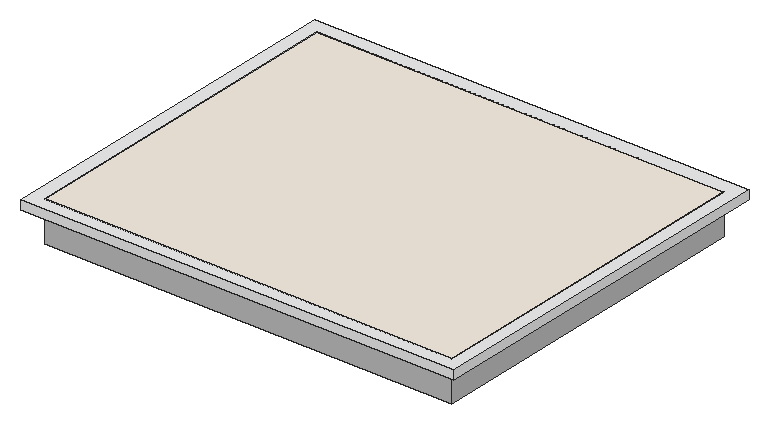
Revit family "Lighting-Industrial-GEWISS-ELIA-HL-LED_HIGHBAY", category Apparecchi per illuminazione, host Superficie, Revit 2019 (continued)
Types (12, lengths in mm): name | Weight (kg): | Weight (kg) | Voltage | Technical sheet | System power | Optic | built-in parameter 1150142 | Lumen output (lm) | Model | IDT | File diagramma fotometrico | Description
    2 2498.66 2401.49 \r\n2311.07 2224.04 2140.38 2060.11 1982.37 1908.01 1837.03 \r\n1768.59 1702.08 1638.20 1577.87 1519.56 1461.77 1405.91 \r\n1353.69 1303.33 1253.30 1204.13 1154.86 1107.29 1063.60 \r\n1022.28 981.97 943.53 907.78 873.73 840.44 808.24 777.48 \r\n748.08 719.60 692.39 666.62 642.28 619.30 597.41 576.46 \r\n556.01 535.56 515.37 495.17 475.57 457.57 440.75 425.80 \r\n411.35 396.39 380.84 363.77 347.04 332.34 318.82 306.23 \r\n294.40 282.91 271.75 261.10 251.73 244.80 239.05 233.39 \r\n227.73 222.32 215.39 204.07 191.39 180.49 169.46 157.63 \r\n144.89 130.60 115.60 100.43 85.37 70.87 57.02 43.80 31.96 \r\n22.22 14.54 9.24 5.75 3.57 2.87 \r\n12448.54 12447.69 12442.62 12435.02 12423.19 12407.98 \r\n12389.39 12369.11 12346.29 12320.94 12292.22 12261.79 \r\n12228.84 12192.50 12154.48 12115.61 12073.36 12030.26 \r\n11985.48 11936.47 11887.46 11837.60 11786.06 11731.13 \r\n11673.67 11613.68 11550.31 11482.70 11412.57 11340.74 \r\n11265.54 11187.80 11108.37 11025.56 10941.06 10858.25 \r\n10774.59 10689.25 10602.22 10513.49 10422.23 10329.28 \r\n10232.10 10126.48 10014.09 9897.48 9774.96 9649.06 \r\n9519.77 9388.79 9255.28 9120.08 8979.82 8833.63 8678.15 \r\n8510.84 8334.23 8148.33 7959.05 7767.24 7576.27 7389.52 \r\n7204.47 7021.95 6841.12 6661.13 6481.99 6303.70 6128.78 \r\n5960.63 5795.01 5630.23 5466.30 5304.91 5147.74 4995.64 \r\n4847.77 4703.27 4563.00 4424.42 4289.22 4157.40 4026.42 \r\n3896.30 3768.70 3639.41 3511.82 3385.91 3262.55 3141.71 \r\n3025.10 2914.40 2807.09 2700.62 2597.53 2496.13 2399.80 \r\n2308.54 2223.20 2138.69 2058.42 1981.52 1906.32 1835.34 \r\n1766.89 1699.97 1635.67 1575.08 1516.52 1458.55 1402.70 \r\n1350.48 1300.20 1250.43 1201.51 1152.50 1105.34 1061.91 \r\n1020.68 980.28 941.92 906.26 872.29 838.83 806.47 775.96 \r\n746.56 718.33 691.21 665.35 640.93 617.86 596.06 575.19 \r\n554.91 534.72 514.60 494.32 474.81 456.72 439.99 424.87 \r\n410.33 395.46 380.08 363.35 346.79 332.17 318.65 306.06 \r\n294.06 282.31 271.33 260.77 251.47 244.97 239.39 233.39 \r\n227.30 221.56 214.29 203.14 190.80 179.98 168.92 156.98 \r\n144.15 130.05 115.28 100.19 85.18 70.75 56.94 43.69 31.81 \r\n22.14 14.51 9.24 5.77 3.59 2.87 \r\n12448.54 12447.69 12442.62 12435.02 12423.19 12407.98 \r\n12389.39 12369.95 12346.29 12320.94 12293.90 12262.64 \r\n12229.68 12193.35 12155.32 12115.61 12075.05 12031.95 \r\n11987.17 11939.85 11889.99 11840.14 11788.59 11733.67 \r\n11676.21 11616.22 11552.84 11485.24 11415.10 11343.28 \r\n11267.23 11191.18 11111.75 11028.94 10945.28 10862.47 \r\n10778.82 10693.47 10606.44 10517.72 10427.30 10335.19 \r\n10237.17 10131.55 10019.16 9902.56 9781.72 9655.81 \r\n9527.38 9396.40 9263.73 9126.84 8987.42 8841.23 8684.91 \r\n8517.60 8340.99 8156.78 7966.66 7775.69 7586.41 7398.82 \r\n7213.76 7029.55 6847.03 6667.05 6487.91 6310.46 6134.70 \r\n5966.55 5800.92 5635.30 5472.22 5310.82 5152.81 4999.86 \r\n4850.30 4705.80 4563.85 4425.27 4289.22 4155.71 4024.73 \r\n3895.45 3766.16 3638.57 3510.97 3385.07 3260.85 3140.86 \r\n3024.25 2913.56 2806.24 2700.62 2596.68 2496.13 2398.95 \r\n2308.54 2221.50 2137.85 2057.57 1980.68 1905.47 1833.65 \r\n1765.20 1698.45 1633.81 1572.71 1513.90 1455.77 1399.83 \r\n1347.69 1297.50 1247.98 1199.22 1150.64 1103.91 1060.64 \r\n1019.41 979.10 940.65 905.08 871.11 837.56 805.20 774.70 \r\n745.54 717.32 690.37 664.51 639.83 616.85 594.96 574.18 \r\n554.07 534.04 514.18 493.90 474.21 456.22 439.32 424.11 \r\n409.40 394.53 379.40 362.93 346.70 332.25 318.65 305.89 \r\n293.81 281.98 270.82 260.51 251.47 245.13 239.56 233.30 \r\n226.88 220.71 213.19 202.21 190.12 179.39 168.27 156.22 \r\n143.30 129.40 114.89 99.89 84.91 70.54 56.78 43.51 31.62 \r\n22.01 14.46 9.22 5.78 3.61 2.88 \r\n12448.54 12447.69 12443.47 12435.02 12424.03 12408.82 \r\n12390.23 12369.95 12347.98 12322.63 12293.90 12263.48 \r\n12230.53 12195.04 12157.01 12117.30 12076.74 12034.49 \r\n11988.86 11941.54 11893.37 11843.52 11791.13 11736.20 \r\n11678.74 11618.75 11554.53 11486.93 11417.64 11345.81 \r\n11270.61 11193.72 11115.13 11033.16 10949.51 10866.70 \r\n10783.89 10698.54 10612.35 10523.63 10433.22 10340.26 \r\n10243.93 10137.47 10025.92 9910.16 9789.32 9663.42 \r\n9535.82 9404.85 9271.34 9135.29 8995.02 8847.99 8693.36 \r\n8525.20 8349.44 8165.23 7975.95 7785.83 7595.70 7408.96 \r\n7222.22 7037.16 6854.64 6673.81 6494.67 6315.53 6140.61 \r\n5972.46 5807.68 5641.22 5477.29 5315.89 5157.88 5004.09 \r\n4854.52 4708.34 4565.53 4425.27 4288.38 4154.86 4022.20 \r\n3892.91 3764.47 3636.03 3509.28 3383.38 3260.85 3140.02 \r\n3023.41 2913.56 2806.24 2701.46 2597.53 2495.28 2398.95 \r\n2308.54 2221.50 2137.85 2057.57 1979.84 1905.47 1832.80 \r\n1763.51 1696.76 1632.37 1570.94 1511.70 1453.40 1397.38 \r\n1345.32 1295.30 1245.78 1197.20 1149.20 1102.89 1059.71 \r\n1018.65 978.34 939.98 904.32 870.35 836.63 804.19 773.77 \r\n744.70 716.73 689.94 663.92 639.16 616.00 594.03 573.33 \r\n553.31 533.53 513.84 493.65 473.96 455.88 438.98 423.43 \r\n408.56 393.69 378.64 362.50 346.70 332.34 318.90 305.97 \r\n293.72 281.72 270.40 260.09 251.39 245.22 239.90 233.39 \r\n226.46 219.78 212.01 201.19 189.45 178.72 167.61 155.36 \r\n142.35 128.68 114.44 99.52 84.58 70.24 56.51 43.26 31.38 \r\n21.85 14.39 9.20 5.78 3.62 2.89 \r\n12448.54 12447.69 12443.47 12435.02 12424.03 12408.82 \r\n12391.08 12370.80 12347.98 12322.63 12295.59 12265.17 \r\n12231.37 12195.04 12158.70 12119.83 12079.27 12037.02 \r\n11991.39 11945.76 11895.91 11846.06 11793.66 11738.74 \r\n11681.28 11620.44 11557.06 11490.31 11420.17 11348.35 \r\n11273.99 11197.09 11119.35 11037.39 10954.58 10872.61 \r\n10788.96 10704.46 10618.27 10529.54 10439.13 10346.18 \r\n10249.85 10143.38 10032.68 9916.92 9797.77 9672.72 \r\n9544.27 9414.14 9279.79 9143.74 9003.47 8856.44 8700.97 \r\n8533.65 8357.89 8173.68 7985.25 7795.97 7606.69 7418.25 \r\n7230.66 7044.76 6860.55 6678.88 6499.74 6322.29 6147.37 \r\n5979.22 5812.75 5646.29 5482.36 5321.81 5163.80 5009.16 \r\n4857.90 4710.03 4566.38 4425.27 4287.53 4152.33 4020.51 \r\n3890.38 3761.94 3635.19 3508.44 3382.53 3260.01 3139.17 \r\n3022.56 2913.56 2807.09 2701.46 2596.68 2496.13 2398.95 \r\n2308.54 2222.35 2138.69 2058.42 1980.68 1905.47 1832.80 \r\n1763.51 1695.91 1631.61 1569.67 1510.01 1451.54 1395.52 \r\n1343.38 1293.44 1244.01 1195.67 1148.02 1102.22 1059.21 \r\n1018.14 977.92 939.47 903.90 869.84 836.04 803.59 773.17 \r\n744.19 716.39 689.69 663.58 638.74 615.33 593.44 572.74 \r\n552.71 533.11 513.59 493.56 473.88 455.79 438.72 423.01 \r\n407.88 392.92 377.97 362.25 346.79 332.68 319.24 306.14 \r\n293.55 281.38 269.98 259.84 251.39 245.39 239.98 233.39 \r\n226.12 218.94 210.74 200.10 188.60 177.96 166.84 154.44 \r\n141.33 127.88 113.91 99.08 84.17 69.88 56.18 42.93 31.10 \r\n21.67 14.31 9.17 5.77 3.62 2.90 \r\n12448.54 12447.69 12443.47 12435.02 12424.03 12409.67 \r\n12391.92 12371.64 12349.67 12324.32 12296.44 12265.17 \r\n12231.37 12196.73 12159.55 12121.52 12081.81 12039.56 \r\n11994.77 11948.30 11899.29 11849.43 11797.04 11741.27 \r\n11682.97 11622.97 11558.75 11492.00 11422.71 11350.88 \r\n11278.22 11202.16 11123.58 11041.61 10959.65 10877.68 \r\n10794.88 10710.38 10623.34 10535.46 10445.04 10352.94 \r\n10254.92 10150.14 10039.44 9924.52 9805.38 9681.16 \r\n9553.57 9422.59 9288.24 9153.04 9011.92 8865.74 8710.26 \r\n8542.95 8367.19 8183.82 7996.23 7807.80 7618.52 7428.39 \r\n7240.80 7052.37 6866.47 6684.80 6505.65 6328.20 6153.29 \r\n5985.13 5818.67 5653.05 5488.27 5327.72 5169.71 5013.38 \r\n4862.13 4713.41 4568.07 4425.27 4286.68 4150.64 4017.97 \r\n3887.84 3759.40 3632.65 3506.75 3381.69 3258.32 3138.33 \r\n3022.56 2913.56 2807.93 2702.31 2598.38 2496.97 2399.80 \r\n2308.54 2222.35 2138.69 2059.26 1980.68 1905.47 1832.80 \r\n1763.51 1696.76 1631.19 1568.91 1508.75 1450.19 1394.08 \r\n1341.94 1291.92 1242.57 1194.32 1147.26 1101.80 1059.04 \r\n1017.89 977.83 939.39 903.73 869.59 835.70 803.17 772.75 \r\n743.94 716.39 689.69 663.58 638.40 614.99 592.94 572.15 \r\n552.21 532.86 513.51 493.56 474.04 455.96 438.72 422.67 \r\n407.12 392.16 377.29 362.00 347.04 333.10 319.66 306.40 \r\n293.64 281.13 269.64 259.67 251.30 245.56 240.15 233.30 \r\n225.70 218.01 209.56 199.08 187.84 177.20 166.06 153.46 \r\n140.23 127.01 113.31 98.58 83.71 69.44 55.77 42.57 30.80 \r\n21.47 14.21 9.13 5.76 3.63 2.90 \r\n12448.54 12447.69 12443.47 12435.02 12424.03 12409.67 \r\n12391.92 12371.64 12349.67 12325.17 12298.13 12266.02 \r\n12233.06 12199.26 12162.08 12124.06 12084.34 12042.09 \r\n11998.16 11951.68 11903.51 11852.81 11799.58 11744.66 \r\n11686.35 11625.51 11561.29 11495.38 11425.24 11354.26 \r\n11280.75 11206.39 11127.81 11046.68 10964.72 10883.60 \r\n10800.79 10715.44 10629.25 10541.38 10451.81 10358.85 \r\n10261.68 10156.90 10045.36 9932.13 9813.83 9690.46 \r\n9562.86 9431.89 9298.38 9161.49 9021.22 8875.03 8719.56 \r\n8552.24 8376.48 8193.97 8006.37 7818.78 7629.50 7439.38 \r\n7249.25 7059.97 6873.23 6690.71 6510.72 6333.27 6159.20 \r\n5991.05 5825.43 5658.97 5493.34 5332.80 5174.78 5017.61 \r\n4864.66 4715.10 4568.07 4425.27 4284.99 4148.10 4014.59 \r\n3885.31 3756.87 3630.12 3505.06 3380.84 3257.47 3137.48 \r\n3021.72 2913.56 2807.93 2702.31 2599.22 2497.82 2400.64 \r\n2309.38 2223.20 2140.38 2060.11 1982.37 1905.47 1832.80 \r\n1763.51 1696.34 1631.27 1568.57 1507.99 1449.26 1393.24 \r\n1340.93 1290.82 1241.47 1193.39 1146.75 1101.80 1059.12 \r\n1018.06 977.92 939.56 903.81 869.59 835.62 803.09 772.75 \r\n743.94 716.48 689.94 663.75 638.48 614.82 592.60 571.81 \r\n551.95 532.60 513.51 493.73 474.30 456.22 438.89 422.42 \r\n406.61 391.40 376.70 361.74 347.21 333.52 320.09 306.65 \r\n293.64 280.96 269.47 259.50 251.22 245.56 240.32 233.22 \r\n225.28 217.16 208.29 197.98 187.00 176.35 165.19 152.40 \r\n139.08 126.09 112.66 98.00 83.16 68.94 55.29 42.16 30.47 \r\n21.26 14.11 9.08 5.74 3.63 2.91 \r\n12448.54 12447.69 12443.47 12435.86 12424.88 12409.67 \r\n12391.92 12372.49 12351.36 12326.86 12298.13 12267.71 \r\n12234.75 12200.11 12163.77 12126.59 12086.88 12044.63 \r\n12000.69 11955.06 11906.89 11856.19 11802.96 11747.19 \r\n11688.88 11628.04 11563.82 11497.07 11428.62 11357.64 \r\n11284.97 11208.92 11132.03 11052.60 10969.79 10888.67 \r\n10806.70 10721.36 10635.17 10547.29 10457.72 10365.61 \r\n10268.44 10162.81 10052.97 9940.58 9822.28 9699.75 \r\n9572.16 9441.18 9307.67 9171.63 9029.67 8883.48 8728.85 \r\n8562.38 8386.63 8204.10 8016.51 7829.77 7641.33 7449.52 \r\n7258.55 7066.73 6878.30 6695.78 6514.95 6338.34 6164.27 \r\n5996.97 5830.50 5664.03 5499.26 5337.86 5179.00 5021.83 \r\n4868.05 4715.94 4568.91 4424.42 4283.30 4146.41 4012.06 \r\n3881.08 3753.49 3627.58 3503.37 3379.15 3255.78 3136.64 \r\n3021.72 2913.56 2808.78 2704.00 2600.06 2499.51 2402.34 \r\n2311.92 2224.88 2141.23 2061.80 1983.21 1907.16 1834.49 \r\n1764.36 1696.59 1631.78 1568.57 1507.73 1448.84 1392.73 \r\n1340.34 1290.15 1240.71 1192.80 1146.58 1101.96 1059.38 \r\n1018.39 978.26 939.98 904.15 869.84 835.87 803.26 772.92 \r\n744.19 716.73 690.37 664.09 638.65 614.82 592.43 571.56 \r\n551.70 532.52 513.51 493.99 474.72 456.55 439.15 422.33 \r\n406.02 390.81 376.11 361.58 347.46 333.94 320.68 307.07 \r\n293.81 280.88 269.13 259.33 251.22 245.56 240.40 233.05 \r\n224.77 216.24 207.11 196.80 186.07 175.46 164.23 151.31 \r\n137.90 125.10 111.94 97.36 82.56 68.36 54.76 41.71 30.12 \r\n21.04 14.01 9.03 5.72 3.63 2.91 \r\n12448.54 12447.69 12442.62 12435.86 12424.88 12410.51 \r\n12392.77 12374.18 12352.21 12326.86 12298.97 12268.56 \r\n12236.44 12201.80 12166.31 12129.13 12089.41 12048.01 \r\n12003.22 11958.44 11910.27 11858.73 11805.49 11749.72 \r\n11691.42 11629.73 11566.36 11499.60 11432.00 11361.87 \r\n11288.35 11213.99 11137.10 11056.82 10975.70 10895.43 \r\n10812.62 10728.12 10641.08 10554.05 10464.48 10371.53 \r\n10275.20 10170.42 10060.57 9948.18 9831.57 9708.20 \r\n9581.45 9451.32 9316.97 9180.92 9038.97 8892.78 8738.14 \r\n8571.68 8396.76 8215.09 8028.34 7841.60 7653.16 7460.50 \r\n7266.15 7073.49 6883.37 6700.00 6519.17 6342.57 6169.34 \r\n6001.19 5835.57 5668.26 5502.64 5342.09 5184.07 5026.06 \r\n4870.58 4717.63 4568.91 4424.42 4281.61 4143.88 4008.68 \r\n3877.70 3750.11 3624.20 3500.83 3376.62 3254.94 3135.80 \r\n3020.87 2913.56 2809.62 2704.84 2601.75 2500.35 2404.02 \r\n2312.76 2226.57 2142.92 2063.49 1984.06 1908.85 1835.34 \r\n1765.20 1698.11 1632.62 1569.08 1507.82 1448.84 1392.81 \r\n1340.17 1289.89 1240.38 1192.55 1146.58 1102.56 1059.97 \r\n1018.82 978.85 940.48 904.57 870.18 836.13 803.59 773.26 \r\n744.44 717.24 690.79 664.51 639.07 614.99 592.34 571.30 \r\n551.45 532.43 513.59 494.24 475.23 457.06 439.48 422.25 \r\n405.68 390.22 375.69 361.49 347.72 334.45 321.10 307.41 \r\n293.81 280.79 268.96 259.16 251.13 245.56 240.32 232.80 \r\n224.35 215.39 205.84 195.79 185.14 174.57 163.23 150.18 \r\n136.70 124.09 111.13 96.65 81.90 67.74 54.18 41.24 29.77 \r\n20.82 13.90 8.98 5.69 3.62 2.92 \r\n12448.54 12447.69 12442.62 12435.86 12424.88 12410.51 \r\n12392.77 12374.18 12353.06 12327.70 12300.66 12270.24 \r\n12237.29 12203.49 12168.00 12130.82 12091.10 12049.70 \r\n12006.60 11960.97 11912.81 11862.11 11808.87 11752.26 \r\n11694.80 11633.11 11568.89 11502.98 11434.54 11365.25 \r\n11292.58 11218.22 11141.32 11062.74 10981.62 10900.50 \r\n10818.53 10734.03 10647.00 10559.97 10470.39 10378.29 \r\n10281.11 10177.18 10067.33 9956.63 9840.02 9717.50 \r\n9590.75 9460.62 9327.11 9190.22 9048.26 8902.07 8748.28 \r\n8581.82 8407.75 8225.23 8039.33 7852.58 7664.15 7470.64 \r\n7275.45 7081.10 6888.44 6704.23 6523.40 6346.80 6174.41 \r\n6005.41 5838.95 5671.64 5506.86 5346.31 5186.61 5028.59 \r\n4872.27 4718.48 4568.91 4422.73 4279.92 4140.50 4005.30 \r\n3874.32 3746.73 3621.67 3499.14 3374.93 3253.25 3134.95 \r\n3020.87 2913.56 2810.47 2705.69 2602.60 2501.20 2404.87 \r\n2314.45 2228.26 2144.61 2064.34 1985.75 1909.70 1837.03 \r\n1766.05 1699.29 1633.81 1570.01 1508.41 1449.43 1393.24 \r\n1340.59 1290.06 1240.38 1192.46 1146.92 1103.15 1060.64 \r\n1019.49 979.52 941.25 905.25 870.69 836.63 804.10 773.68 \r\n744.95 717.74 691.38 665.01 639.50 615.24 592.34 571.30 \r\n551.36 532.27 513.59 494.58 475.73 457.65 439.91 422.25 \r\n405.35 389.80 375.10 361.32 348.06 334.79 321.61 307.75 \r\n293.98 280.79 268.79 258.99 251.05 245.47 240.15 232.54 \r\n223.84 214.55 204.74 194.60 184.29 173.61 162.19 149.02 \r\n135.47 123.02 110.28 95.88 81.18 67.06 53.56 40.74 29.42 \r\n20.62 13.80 8.93 5.66 3.62 2.92 \r\n12448.54 12447.69 12442.62 12435.86 12424.88 12410.51 \r\n12393.61 12375.02 12353.90 12329.39 12301.51 12271.09 \r\n12238.13 12204.33 12168.84 12132.51 12092.79 12051.39 \r\n12008.29 11962.66 11914.50 11863.80 11810.56 11753.95 \r\n11696.49 11634.81 11571.43 11505.52 11437.92 11367.78 \r\n11295.96 11222.44 11145.55 11066.97 10985.84 10905.57 \r\n10822.76 10738.26 10652.07 10564.19 10474.62 10382.51 \r\n10286.18 10183.09 10073.24 9962.55 9846.78 9725.10 \r\n9597.51 9468.22 9334.72 9197.82 9056.71 8911.37 8756.73 \r\n8591.96 8417.89 8236.22 8049.47 7862.72 7672.60 7477.40 \r\n7281.36 7084.48 6890.97 6704.23 6524.24 6346.80 6174.41 \r\n6005.41 5838.95 5671.64 5506.02 5344.63 5185.77 5026.90 \r\n4869.73 4715.94 4565.53 4419.35 4277.39 4137.12 4001.07 \r\n3869.25 3740.81 3616.60 3494.07 3370.70 3249.87 3132.41 \r\n3019.18 2911.87 2808.78 2704.00 2602.60 2502.89 2406.56 \r\n2316.14 2229.11 2146.30 2066.87 1988.28 1912.23 1839.56 \r\n1769.43 1701.75 1636.68 1572.97 1511.70 1452.89 1396.70 \r\n1343.47 1292.43 1242.32 1194.15 1148.36 1104.58 1061.91 \r\n1020.68 980.54 942.17 906.09 871.45 837.56 805.03 774.61 \r\n745.80 718.50 692.05 665.78 640.26 615.84 592.85 571.56 \r\n551.36 532.10 513.42 494.75 476.41 458.24 440.41 422.50 \r\n405.26 389.71 375.18 361.41 348.14 335.04 321.78 307.92 \r\n294.23 281.05 268.96 258.99 250.80 245.05 239.56 231.87 \r\n223.33 213.95 203.98 193.76 183.20 172.52 161.04 147.86 \r\n134.30 121.83 109.10 94.78 80.20 66.21 52.87 40.29 29.19 \r\n20.51 13.76 8.91 5.64 3.60 2.90 \r\n12448.54 12447.69 12442.62 12435.86 12424.88 12411.36 \r\n12393.61 12375.02 12354.74 12330.24 12303.20 12271.93 \r\n12240.67 12206.02 12170.53 12133.35 12094.48 12053.92 \r\n12009.98 11964.35 11917.03 11865.49 11813.10 11756.48 \r\n11699.02 11637.34 11573.97 11508.90 11440.45 11372.01 \r\n11300.18 11226.67 11150.62 11072.03 10991.76 10910.64 \r\n10827.83 10742.48 10656.29 10568.41 10479.69 10387.58 \r\n10291.25 10187.32 10079.16 9968.47 9852.70 9731.02 \r\n9605.11 9474.98 9342.32 9204.58 9063.47 8918.13 8766.03 \r\n8602.10 8428.03 8246.35 8059.61 7872.02 7681.05 7485.85 \r\n7287.28 7088.70 6893.51 6705.92 6524.24 6347.64 6175.26 \r\n6005.41 5838.10 5670.80 5504.33 5342.09 5183.23 5023.52 \r\n4867.20 4712.56
